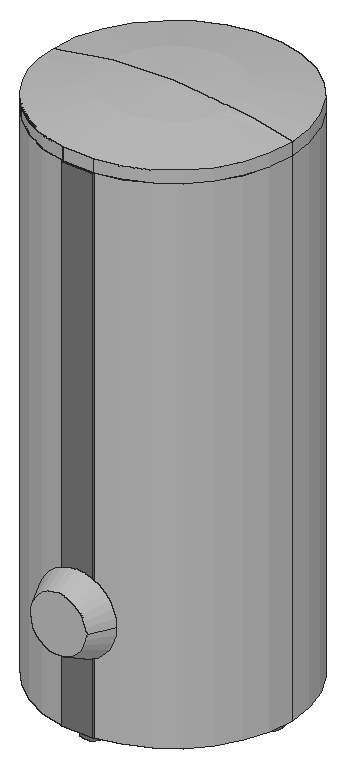
Revit family "VIESSMANN - Vitocell 100-L (CVL.CVLA)", category Wyposażenie mechaniczne, Revit 2017
Family settings
  Wymiar okrągłego złącza = Użyj średnicy
  Typ części = Normalny
  Numer OmniClass = 23.65.35.11.11
  Tytuł OmniClass = Storage Water Heaters
  Oparty na płaszczyźnie roboczej = Nie
  Zawsze pionowo = Tak
  Tnij formami wycięć po wczytaniu = Tak
  Współdzielony = Nie
  Punkt obliczania pomieszczeń = Nie
Parameters (values of type "Zbiornik CVL 500L")
  Średnica - z izolacją cieplną = 859 mm
  Średnica - bez izolacji cieplnej = 650 mm
  Wysokość króćca zimnej wody użytkowej = 384 mm
  Wysokość króćca cwu/wc = 1469 mm
  Wysokość króćca cwu = 1784 mm
  Wysokość króćca cyrkulacji = 1230 mm
  Wysokość króćca spustu = 107 mm
  Wysokośc przyłącza grzałki = 422 mm
  Podział = Średnica z izolacją cieplną  # 859 mm
  Wysokość z izolacją cieplną = 1948 mm
  Szerokośc z izolacją cieplną = 923 mm
  Średnica z izolacją cieplną = 859 mm
  Zimna woda użytkowa = 2"  # constant formula
  Wysokość - z izolacją cieplną = 1948 mm
  Wysokość - bez izolacji cieplnej = 1844 mm
  Wymiar przechylenia - bez izolacji cieplnej = 1860 mm
  Wlot ciepłej wody użytkowej od strony wymiennika ciepła = 2"  # constant formula
  Viessmann Kolor 3 = Viessmann Kolor 3
  Viessmann Kolor 2 = Viessmann Kolor 2
  Viessmann Kolor 1 = Viessmann Kolor 1
  URL = "https://www.viessmann-projektant.pl/baza-urzadzen/zbiorniki-buforowe-i-cwu/zasobnikibezwezownicowe"
  Szerokość - z izolacją cieplną = 923 mm
  Szerokość - bez izolacji cieplnej = 837 mm
  Spust dolny = 0"
  Spust boczny = 1 1/4"
  Producent = "Viessmann Sp.z.o.o."  # constant formula
  Pojemność podgrzewacza = 500.0 L
  Opis indeksowy = "0256/08-13"  # constant formula
  Opis = "Podgrzewacz pojemnościowy"  # constant formula
  Odpowietrzanie = 0"
  Numer identyfikacyjny produktu = "0256/08-13"  # constant formula
  Model = "Podgrzewacz pojemnościowy Viessmann Vitocell 100-L CVL 500L / Hot water storage tank Viessmann Vitocell 100-L CVL 500L"
  Masa podgrzewacza = 156.00 kg
  Masa całkowita = 136.00 kg
  Klasa efektywności energetycznej = "B"  # constant formula
  Ilość ciepła dyżurnego = "1.95 kWh/24h"
  Cyrkulacja = 1 1/4"  # constant formula
  Ciepła woda użytkowa = 2"  # constant formula
  Autor = "https://www.archispace.pl/"
Types (6, lengths in mm): name | Średnica - z izolacją cieplną | Średnica - bez izolacji cieplnej | Wysokość króćca zimnej wody użytkowej | Wysokość króćca cwu/wc | Wysokość króćca cwu | Wysokość króćca cyrkulacji | Wysokość króćca spustu | Wysokośc przyłącza grzałki | Podział | Wysokość z izolacją cieplną | Szerokośc z izolacją cieplną | Średnica z izolacją cieplną | Wysokość - z izolacją cieplną | Wysokość - bez izolacji cieplnej | Wymiar przechylenia - bez izolacji cieplnej | Szerokość - z izolacją cieplną | Szerokość - bez izolacji cieplnej | Spust dolny | Spust boczny | Pojemność podgrzewacza | Odpowietrzanie | Model | Masa podgrzewacza | Masa całkowita | Ilość ciepła dyżurnego
  (no name) | 859 | 650 | 384 | 1469 | 1784 | 1230 | 107 | 422 | 859 | 1948 | 923 | 859 | 1948 | 1844 | 1860 | 923 | 837 | 0" | 1 1/4" | 500.0 L | 0" | "Podgrzewacz pojemnościowy Viessmann Vitocell 100-L CVL 500L / Hot water storage tank Viessmann Vitocell 100-L CVL 500L" | 156.00 kg | 136.00 kg | "1.95 kWh/24h"
  Zbiornik CVL 2000L | 1310 | 1100 | 511 | 1790 | 1970 | 1603 | 124 | 564 | 1310 | 2479 | 1477 | 1310 | 2479 | 2392 | 2390 | 1477 | 1346 | 1" | 1.5748" | 2000.0 L | 1" | "Podgrzewacz pojemnościowy Viessmann Vitocell 100-L CVL 2000L / Hot water storage tank Viessmann Vitocell 100-L CVL 2000L" | 483.00 kg | 444.00 kg | "4.55 kWh/24h"
  Zbiornik CVL 500L | 859 | 650 | 384 | 1469 | 1784 | 1230 | 107 | 422 | 859 | 1948 | 923 | 859 | 1948 | 1844 | 1860 | 923 | 837 | 0" | 1 1/4" | 500.0 L | 0" | "Podgrzewacz pojemnościowy Viessmann Vitocell 100-L CVL 500L / Hot water storage tank Viessmann Vitocell 100-L CVL 500L" | 156.00 kg | 136.00 kg | "1.95 kWh/24h"
  Zbiornik CVLA 950L | 1062 | 790 | 379 | 1550 | 1752 | 1285 | 79 | 506 | 1062 | 1897 | 1110 | 1062 | 2197 | 2103 | 2286 | 1110 | 1005 | 0" | 1 1/4" | 950.0 L | 0" | "Podgrzewacz pojemnościowy Viessmann Vitocell 100-L CVLA 950L / Hot water storage tank Viessmann Vitocell 100-L CVLA 950L" | 314.00 kg | 284.00 kg | "2.48 kWh/24h"
  Zbiornik CVLA 750L | 1062 | 790 | 338 | 1447 | 1785 | 1049 | 79 | 514 | 1062 | 1897 | 1110 | 1062 | 1897 | 1797 | 1980 | 1110 | 1005 | 0" | 1 1/4" | 750.0 L | 0" | "Podgrzewacz pojemnościowy Viessmann Vitocell 100-L CVLA 750L / Hot water storage tank Viessmann Vitocell 100-L CVLA 750L" | 260.00 kg | 235.00 kg | "2.28 kWh/24h"
  Zbiornik CVL 1500L | 1310 | 1100 | 511 | 1347 | 1529 | 1210 | 124 | 564 | 1310 | 2051 | 1477 | 1310 | 2051 | 1951 | 1955 | 1477 | 1346 | 1" | 1.5748" | 1500.0 L | 1" | "Podgrzewacz pojemnościowy Viessmann Vitocell 100-L CVL 1500L / Hot water storage tank Viessmann Vitocell 100-L CVL 1500L" | 406.00 kg | 372.00 kg | "3.50 kWh/24h"
Reference planes
  plane 1 "Środek (Przód/Tył)": y = 0
  plane 2: z = 0
  plane 3 "Środek (Lewa/Prawa)": x = 0
  plane 4: z = 1948
  plane 5: y = 461.5
  plane 6: z = 107
  plane 7: z = 1230
  plane 8: z = 384
  plane 9: z = 1469
  plane 10: z = 1784
  plane 11: x = -429.5
  plane 12: x = 429.5
  plane 13: y = 429.5
  plane 14: y = -429.5
  plane 15: x = -100
  plane 16: y = -461.5
  plane 17: z = 1853
  plane 18: z = 422
  plane 19: y = -513.5
Forms (mm)
  Extrusion 1, solid, material "Viessmann Kolor 3" <- "Viessmann Kolor 3", detail levels medium+fine
    sketch origin (0, 0, 0) x (1, 0, 0) y (0, 1, 0)
      loop
        circle (0, 354.722) r 40
      loop
        circle (0, -354.722) r 40
      loop
        circle (-354.5, 0) r 40
      loop
        circle (354.5, 0) r 40
    from 0 to 16.857
  Extrusion 2, solid, material "Viessmann Kolor 3" <- "Viessmann Kolor 3", detail levels medium+fine
    sketch origin (0, 0, 0) x (1, 0, 0) y (0, 1, 0)
      loop
        circle (0, 354.722) r 20
      loop
        circle (0, -354.722) r 20
      loop
        circle (-354.5, 0) r 20
      loop
        circle (354.5, 0) r 20
    from 16.857 to 37.823
  Revolve 3, solid, material "Viessmann Kolor 2" <- "Viessmann Kolor 2", detail levels medium+fine
    sketch origin (0, 0, 0) x (1, 0, 0) y (0, 0, 1)
      loop
        line (0, 37.823) -> (0, 1948) -> (-1.163, 1948)
        arc (-1.163, 1948) -> (-216.705, 1935.816) -> (-429.5, 1899.418) r 1912.575
        line (-429.5, 1899.418) -> (-429.5, 37.823) -> (0, 37.823)
      axis (0, 37.823) -> (0, 1948)
    angle from 0 to 360
  Sweep 4, solid, material "Viessmann Kolor 2" <- "Viessmann Kolor 2"
    path origin (0, 0, 0) x (0, 1, 0) y (0, 0, 1)
      loop
        line (0, 1150) -> (461.5, 1150)
    profile origin (0, 230.75, 1150) x (0, 0, 1) y (1, 0, 0)
      loop
        circle (-1043, 0) r 15.875
      loop
        circle (-766, 0) r 25.4
      loop
        circle (319, 0) r 25.4
      loop
        circle (634, 0) r 25.4
      loop
        circle (80, 0) r 15.875
  Sweep 5, solid, material "Viessmann Kolor 2" <- "Viessmann Kolor 2", detail levels medium+fine
    path origin (0, 0, 0) x (0, 1, 0) y (0, 0, 1)
      loop
        line (449.473, 1784) -> (461.5, 1784)
    profile origin (0, 455.487, 1784) x (0, 0, 1) y (1, 0, 0)
      loop
        line (0, 35) -> (-30.311, 17.5) -> (-30.311, -17.5) -> (0, -35) -> (30.311, -17.5) -> (30.311, 17.5) -> (0, 35)
      loop
        line (-315, 35) -> (-345.311, 17.5) -> (-345.311, -17.5) -> (-315, -35) -> (-284.689, -17.5) -> (-284.689, 17.5) -> (-315, 35)
      loop
        line (-554, 25) -> (-575.651, 12.5) -> (-575.651, -12.5) -> (-554, -25) -> (-532.349, -12.5) -> (-532.349, 12.5) -> (-554, 25)
      loop
        line (-1400, 35) -> (-1430.311, 17.5) -> (-1430.311, -17.5) -> (-1400, -35) -> (-1369.689, -17.5) -> (-1369.689, 17.5) -> (-1400, 35)
      loop
        line (-1677, 25) -> (-1698.651, 12.5) -> (-1698.651, -12.5) -> (-1677, -25) -> (-1655.349, -12.5) -> (-1655.349, 12.5) -> (-1677, 25)
  Blend 6, solid, material "Viessmann Kolor 2" <- "Viessmann Kolor 2", detail levels medium+fine
    base sketch origin (0, 0, 0) x (1, 0, 0) y (0, 0, 1)
      loop
        circle (0, 422) r 140
    top sketch origin (0, 0, 0) x (1, 0, 0) y (0, 0, 1)
      loop
        circle (0, 422) r 100
    from 429.5 to 513.5
  Extrusion 7, void
    sketch origin (0, 0, 0) x (1, 0, 0) y (0, 1, 0)
      loop
        line (55, -424.5) -> (-55, -424.5) -> (-55, -429.5) -> (55, -429.5) -> (55, -424.5)
    from 37.823 to 1956
  Extrusion 8, solid, material "Viessmann Kolor 3" <- "Viessmann Kolor 3", detail levels medium+fine
    sketch origin (0, 0, 0) x (1, 0, 0) y (0, 1, 0)
      loop
        line (-55, -424.5) -> (-55, -429.5) -> (55, -429.5) -> (55, -424.5) -> (-55, -424.5)
    from 37.823 to 1853
  Extrusion 9, solid, material "Viessmann Kolor 2" <- "Viessmann Kolor 2", detail levels coarse
    sketch origin (0, 0, 0) x (1, 0, 0) y (0, 1, 0)
      loop
        circle (0, 0) r 429.5
    from 0 to 1948
  Sweep 10, void
    path origin (0, 0, 0) x (1, 0, 0) y (0, 1, 0)
      loop
        circle (0, 0) r 429.5
    profile origin (0, 429.5, 0) x (0, -1, 0) y (0, 0, 1)
      loop
        line (0, 1856.403) -> (0, 1855.123) -> (8.721, 1855.123) -> (8.721, 1856.403) -> (0, 1856.403)
Cuts and joins
  joined: Extrusion 1, Extrusion 2
  Extrusion 7, Sweep 10 cuts Revolve 3
  joined: Revolve 3, Blend 6
Dimensions and locks
  "Wysokość z izolacją cieplną": plane 4 to level
  level to plane 9 = 1469 mm
  equal spacing: plane 11, plane 3 "Środek (Lewa/Prawa)", plane 12
  "Podział": plane 11 to plane 12
  equal spacing: plane 13, plane 1 "Środek (Przód/Tył)", plane 14
  "Podział": plane 13 to plane 14
  locked: plane 13 to Extrusion 1 sketch curve at 74.778
  locked: Extrusion 1 sketch curve to plane 14 at 74.778
  locked: plane 11 to Extrusion 1 sketch curve at 75
  locked: Extrusion 1 sketch curve to plane 12 at 75
  locked: plane 13 to Extrusion 2 sketch curve at 74.778
  locked: Extrusion 2 sketch curve to plane 12 at 75
  locked: Extrusion 2 sketch curve to plane 14 at 74.778
  locked: plane 11 to Extrusion 2 sketch curve at 75
  locked: plane 3 "Środek (Lewa/Prawa)" to plane 15 at 100
  equal spacing: plane 5, plane 1 "Środek (Przód/Tył)", plane 16
  "Szerokośc z izolacją cieplną": plane 5 to plane 16
  "Wysokość króćca spustu": plane 6 to level
  "Wysokość króćca zimnej wody użytkowej": plane 8 to level
  "Wysokość króćca cyrkulacji": plane 7 to level
  "Wysokość króćca cwu/wc": plane 9 to level
  "Wysokość króćca cwu": plane 10 to level
  locked: Sweep 5 sketch curve to Sweep 5 sketch curve at 12.027
  Blend 6 to Blend 6 = 84 mm
  Extrusion 7 sketch curve to plane 3 "Środek (Lewa/Prawa)" to Extrusion 7 sketch curve = 55 mm, 55 mm
  locked: Extrusion 7 sketch curve to Extrusion 7 sketch curve at 5
  locked: plane 4 to plane 17 at 95
  "Wysokośc przyłącza grzałki": plane 18 to level
  plane 4 to Sweep 10 sketch curve to Sweep 10 sketch curve = 91.597 mm locked, 1.28 mm locked
  locked: plane 19 to plane 14 at 84
  "Spust boczny": diameter of Sweep 4 sketch curve
  "Zimna woda użytkowa": diameter of Sweep 4 sketch curve
  "Cyrkulacja": diameter of Sweep 4 sketch curve
  "Wlot ciepłej wody użytkowej od strony wymiennika ciepła": diameter of Sweep 4 sketch curve
  "Ciepła woda użytkowa": diameter of Sweep 4 sketch curve
  "Średnica z izolacją cieplną": diameter of Extrusion 9 sketch curve
  "Średnica z izolacją cieplną": diameter of Sweep 10 sketch curve
  aligned and locked: level to plane 2
  aligned and locked: plane 11 to Revolve 3 sketch curve
  aligned and locked: Revolve 3 sketch curve to plane 4
  aligned and locked: plane 1 "Środek (Przód/Tył)" to Sweep 4 sketch curve
  aligned and locked: plane 5 to Sweep 4 sketch curve
  aligned and locked: plane 10 to Sweep 4 sketch curve
  aligned and locked: plane 3 "Środek (Lewa/Prawa)" to Sweep 4 sketch curve  (x5)
  aligned and locked: plane 9 to Sweep 4 sketch curve
  aligned and locked: plane 8 to Sweep 4 sketch curve
  aligned and locked: plane 6 to Sweep 4 sketch curve
  aligned and locked: plane 7 to Sweep 4 sketch curve
  aligned and locked: plane 5 to Sweep 5 sketch curve
  aligned and locked: plane 10 to Sweep 5 sketch curve  (x2)
  aligned and locked: plane 9 to Sweep 5 sketch curve  (x2)
  aligned and locked: plane 7 to Sweep 5 sketch curve  (x2)
  aligned and locked: plane 8 to Sweep 5 sketch curve  (x2)
  aligned and locked: plane 6 to Sweep 5 sketch curve  (x2)
  aligned and locked: Extrusion 7 sketch curve to plane 14
  aligned and locked: Extrusion 7 to Extrusion 2
  aligned and locked: Extrusion 8 to Extrusion 2
  aligned and locked: plane 3 "Środek (Lewa/Prawa)" to Extrusion 9 sketch curve
  aligned and locked: plane 1 "Środek (Przód/Tył)" to Extrusion 9 sketch curve
  aligned and locked: plane 4 to Extrusion 9
  aligned and locked: Extrusion 9 to level
  aligned and locked: plane 17 to Extrusion 8
  aligned and locked: plane 18 to Blend 6 sketch curve  (x2)
  aligned and locked: plane 3 "Środek (Lewa/Prawa)" to Sweep 10 sketch curve
  aligned and locked: plane 1 "Środek (Przód/Tył)" to Sweep 10 sketch curve
  aligned and locked: Sweep 10 sketch curve to plane 13
  aligned and locked: plane 14 to Blend 6
  aligned and locked: Blend 6 to plane 19
Automatic sketch dimensions
  Extrusion 1 sketch curve to plane 3 "Środek (Lewa/Prawa)" = 0 mm  (x2)
  plane 1 "Środek (Przód/Tył)" to Extrusion 1 sketch curve = 0 mm  (x2)
  plane 1 "Środek (Przód/Tył)" to Extrusion 2 sketch curve = 0 mm  (x2)
  Extrusion 2 sketch curve to plane 3 "Środek (Lewa/Prawa)" = 0 mm  (x2)
  Revolve 3 sketch curve to plane 3 "Środek (Lewa/Prawa)" = 0 mm  (x2)
  Revolve 3 sketch curve to plane 4 = 0 mm
  Revolve 3 sketch curve to Revolve 3 sketch curve = 1.163 mm
  level to Revolve 3 sketch curve = 37.823 mm
  Revolve 3 sketch curve to Revolve 3 sketch curve = 2.397 mm
  Revolve 3 sketch curve to Revolve 3 sketch curve = 0 mm
  Sweep 4 sketch curve to plane 7 = 80 mm
  Sweep 5 sketch curve to plane 10 = 0 mm
  profile plane to Sweep 5 sketch curve = 30.311 mm
  Sweep 5 sketch curve to profile plane = 30.311 mm
  Sweep 5 sketch curve to plane 3 "Środek (Lewa/Prawa)" = 35 mm  (x3)
  Sweep 5 sketch curve to plane 3 "Środek (Lewa/Prawa)" = 17.5 mm  (x6)
  plane 3 "Środek (Lewa/Prawa)" to Sweep 5 sketch curve = 17.5 mm  (x6)
  plane 3 "Środek (Lewa/Prawa)" to Sweep 5 sketch curve = 35 mm  (x3)
  Sweep 5 sketch curve to Sweep 5 sketch curve = 30.311 mm  (x4)
  Sweep 5 sketch curve to plane 3 "Środek (Lewa/Prawa)" = 25 mm  (x2)
  Sweep 5 sketch curve to plane 3 "Środek (Lewa/Prawa)" = 12.5 mm  (x4)
  Sweep 5 sketch curve to Sweep 5 sketch curve = 21.651 mm  (x4)
  plane 3 "Środek (Lewa/Prawa)" to Sweep 5 sketch curve = 12.5 mm  (x4)
  Sweep 5 sketch curve to Sweep 5 sketch curve = 12.5 mm  (x2)
  Blend 6 sketch curve to plane 3 "Środek (Lewa/Prawa)" = 0 mm  (x2)
  Extrusion 8 sketch curve to plane 14 = 0 mm
  Extrusion 8 sketch curve to plane 15 = 45 mm
  plane 3 "Środek (Lewa/Prawa)" to Extrusion 8 sketch curve = 55 mm
  plane 14 to Extrusion 8 sketch curve = 5 mm
  Sweep 10 sketch curve to profile plane = 8.721 mm
  radius of Extrusion 1 sketch curve = 40 mm  (x4)
  radius of Extrusion 2 sketch curve = 20 mm  (x4)
  radius of Blend 6 sketch curve = 140 mm
  radius of Blend 6 sketch curve = 100 mm
Connectors
  piping at (0, 461.5, 107), diameter 31.75, driven by "Spust boczny"
    settings: on Sweep 4, index 1, connector inside diameter 24", connector length 0 mm, flow factor 0, pipe flow 0.00 m³/h, pressure drop 0.0 Pa, fitting loss kfactor 0, connector angle 0.00°, fixture units 0, engagement length 0 mm, angle of deflection 0.00°, flow configuration 0, flow direction 0, fitting loss method 0, system type 28, joint type 0, gender type 0, connector reference index -1, connector utility 0, adjustable connector no, is connector primary yes, connector description ""
  piping at (0, 461.5, 384), diameter 50.8, driven by "Zimna woda użytkowa"
    settings: on Sweep 4, index 2, connector inside diameter 24", connector length 0 mm, flow factor 0, pipe flow 0.00 m³/h, pressure drop 0.0 Pa, fitting loss kfactor 0, connector angle 0.00°, fixture units 0, engagement length 0 mm, angle of deflection 0.00°, flow configuration 0, flow direction 2, fitting loss method 0, system type 20, joint type 0, gender type 0, connector reference index -1, connector utility 0, adjustable connector no, is connector primary no, connector description ""
  piping at (0, 461.5, 1784), diameter 50.8, driven by "Ciepła woda użytkowa"
    settings: on Sweep 4, index 3, connector inside diameter 24", connector length 0 mm, flow factor 0, pipe flow 0.00 m³/h, pressure drop 0.0 Pa, fitting loss kfactor 0, connector angle 0.00°, fixture units 0, engagement length 0 mm, angle of deflection 0.00°, flow configuration 0, flow direction 2, fitting loss method 4, system type 19, joint type 0, gender type 0, connector reference index -1, connector utility 0, adjustable connector no, is connector primary no, connector description ""
  piping at (0, 461.5, 1230), diameter 31.75, driven by "Cyrkulacja"
    settings: on Sweep 4, index 4, connector inside diameter 24", connector length 0 mm, flow factor 0, pipe flow 0.00 m³/h, pressure drop 0.0 Pa, fitting loss kfactor 0, connector angle 0.00°, fixture units 0, engagement length 0 mm, angle of deflection 0.00°, flow configuration 0, flow direction 2, fitting loss method 4, system type 22, joint type 0, gender type 0, connector reference index -1, connector utility 0, adjustable connector no, is connector primary no, connector description ""
  piping at (0, 461.5, 1469), diameter 50.8, driven by "Wlot ciepłej wody użytkowej od strony wymiennika ciepła"
    settings: on Sweep 4, index 5, connector inside diameter 24", connector length 0 mm, flow factor 0, pipe flow 0.00 m³/h, pressure drop 0.0 Pa, fitting loss kfactor 0, connector angle 0.00°, fixture units 0, engagement length 0 mm, angle of deflection 0.00°, flow configuration 0, flow direction 1, fitting loss method 4, system type 7, joint type 0, gender type 0, connector reference index -1, connector utility 0, adjustable connector no, is connector primary no, connector description ""
